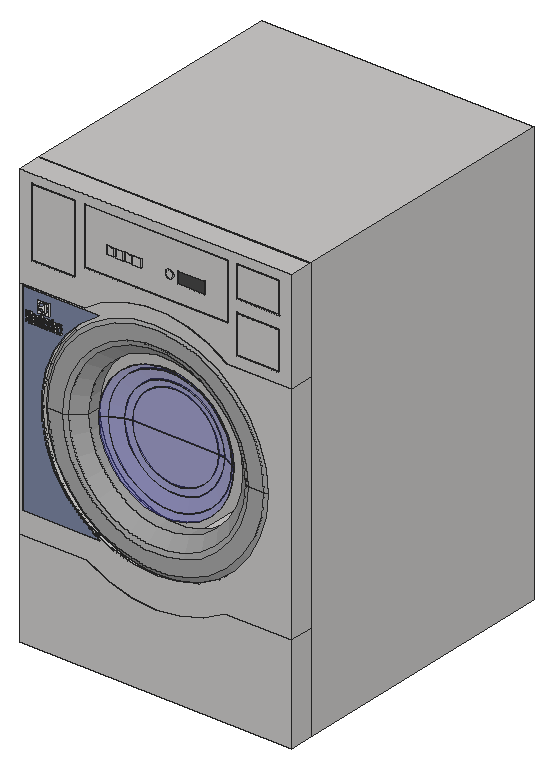
Revit family "QF_ELECTROLUXPROFESSIONAL_1LSNA4_TE1220G", category Specialty Equipment, Revit 2014
Parameters
  Width = 686 mm
  Height = 850 mm
  Depth = 822 mm
Reference planes
  plane 1 "Center (Front/Back)": y = 0
  plane 2: z = 0
  plane 3 "Center (Left/Right)": x = 0
  plane 4 "LEFT": x = -343
  plane 5 "RIGHT": x = 343
  plane 6 "BACK": y = 411
  plane 7 "FRONT": y = -411
  plane 8 "voidPanel": through (0, -279.09, 846.678) normal (0, -0.9308, 0.3656)
  plane 9 "TOP": z = 1098
  plane 10: y = -966
  plane 11 "GasX": x = 260.5
  plane 12 "GASz": z = 52.3
Forms (mm)
  Extrusion 1, solid, material "QF_Finishes_Stainless Steel"
    sketch origin (0, 0, 0) x (1, 0, 0) y (0, 1, 0)
      loop
        line (-343, 354) -> (-343, -351.316) -> (343, -351.316) -> (343, 354) -> (-343, 354)
    from 25 to 1098
  Extrusion 2, void
    sketch origin (0, -411, 110) x (0, 0, 1) y (-1, 0, 0)
      loop
        circle (470, 0) r 242.757
    from 0 to -726.106
  Revolve 3, solid, material "QF_Finishes_Gray"
    sketch origin (0, 0, 580) x (-1, 0, 0) y (0, -1, 0)
      loop
        line (300.448, 346.297) -> (300.448, 393.936) -> (272.916, 411) -> (235.246, 411) -> (223.534, 406.93) -> (195.25, 378.646) -> (195.25, 346.297) -> (300.448, 346.297)
      axis (0, 346.297) -> (0, 411)
    angle from 0 to 360
  Revolve 4, solid, material "Glass"
    sketch origin (0, 0, 580) x (-1, 0, 0) y (0, -1, 0)
      loop
        line (156.034, 365.621) -> (125.785, 351.316)
        arc (125.785, 351.316) -> (117.42, 348.976) -> (108.77, 348.187) r 47.824
        line (108.77, 348.187) -> (0, 348.187) -> (0, 346.187) -> (108.77, 346.187)
        arc (108.77, 346.187) -> (117.82, 347.016) -> (126.57, 349.475) r 49.824
        line (126.57, 349.475) -> (156.889, 363.813)
        arc (156.889, 363.813) -> (164.396, 368.582) -> (170.5, 375.051) r 35.892
        line (170.5, 375.051) -> (170.5, 378.646)
        arc (170.5, 378.646) -> (164.222, 371.072) -> (156.034, 365.621) r 33.892
      axis (0, 346.187) -> (0, 378.646)
    angle from 0 to 360
  Extrusion 5, void
    sketch origin (0, 0, 470) x (-1, 0, 0) y (0, -1, 0)
      loop
        line (333, -329) -> (333, 336.297) -> (-333, 336.297) -> (-333, -329) -> (333, -329)
    from -434.1 to 430
  Extrusion 6, solid, material "QF_Finishes_Rubber Black"
    sketch origin (25, 0, 0) x (1, 0, 0) y (0, 1, 0)
      loop
        circle (-308, 313.6) r 20
    from 0 to 10
  Extrusion 7, solid, material "QF_Finishes_Stainless Steel"
    sketch origin (25, 0, 0) x (1, 0, 0) y (0, 1, 0)
      loop
        circle (-308, 313.6) r 11
    from 10 to 25
  Extrusion 8, solid, material "QF_Finishes_Rubber Black"
    sketch origin (25, 0, 0) x (1, 0, 0) y (0, 1, 0)
      loop
        circle (-308, -309.8) r 20
    from 0 to 10
  Extrusion 9, solid, material "QF_Finishes_Stainless Steel"
    sketch origin (25, 0, 0) x (1, 0, 0) y (0, 1, 0)
      loop
        circle (-308, -309.8) r 11
    from 10 to 25
  Revolve 10, solid, material "QF_Door-Drawer Clearances", detail levels coarse
    sketch origin (0, -392.108, 110) x (-1, 0, 0) y (0, 0, 1)
      loop
        circle (-1.368, 470) r 285
      axis (287.524, 470) -> (287.524, 469)
    angle from 0 to 90
  Extrusion 11, solid, material "QF_Finishes_Rubber Black"
    sketch origin (-25, 0, 0) x (-1, 0, 0) y (0, -1, 0)
      loop
        circle (-308, -313.6) r 20
    from 0 to 10
  Extrusion 12, solid, material "QF_Finishes_Stainless Steel"
    sketch origin (-25, 0, 0) x (-1, 0, 0) y (0, -1, 0)
      loop
        circle (-308, -313.6) r 11
    from 10 to 25
  Extrusion 13, solid, material "QF_Finishes_Rubber Black"
    sketch origin (-25, 0, 0) x (-1, 0, 0) y (0, -1, 0)
      loop
        circle (-308, 309.8) r 20
    from 0 to 10
  Extrusion 14, solid, material "QF_Finishes_Stainless Steel"
    sketch origin (-25, 0, 0) x (-1, 0, 0) y (0, -1, 0)
      loop
        circle (-308, 309.8) r 11
    from 10 to 25
  Extrusion 15, solid, material "QF_Finishes_Stainless Steel"
    sketch origin (0, -411, 0) x (0, 0, 1) y (-1, 0, 0)
      loop
        line (25, 343) -> (25, -343) -> (270, -343) -> (270, -175)
        arc (270, -175) -> (219.436, 0) -> (270, 175) r 328.118
        line (270, 175) -> (270, 343) -> (25, 343)
    from 0 to -60
  Extrusion 16, solid, material "QF_Finishes_Stainless Steel"
    sketch origin (0, -411, 0) x (0, 0, 1) y (-1, 0, 0)
      loop
        line (840, -343) -> (1098, -343) -> (1098, 343) -> (840, 343) -> (840, 180)
        arc (840, 180) -> (900, 0) -> (840, -180) r 300
        line (840, -180) -> (840, -343)
    from 0 to -60
  Extrusion 17, solid, material "QF_Finishes_Stainless Steel"
    sketch origin (0, -411, 0) x (0, 0, 1) y (-1, 0, 0)
      loop
        line (840, 343) -> (270, 343) -> (270, 175)
        arc (270, 175) -> (219.436, 0) -> (270, -175) r 328.118
        line (270, -175) -> (270, -343) -> (840, -343) -> (840, -180)
        arc (840, -180) -> (900, 0) -> (840, 180) r 300
        line (840, 180) -> (840, 343)
      loop
        circle (580, 0) r 285
    from 0 to -60
  Extrusion 18, void
    sketch origin (0, -411, 0) x (0, 0, 1) y (-1, 0, 0)
      loop
        line (1076.011, 312.853) -> (900, 312.853) -> (900, 202.056) -> (1076.011, 202.056) -> (1076.011, 312.853)
      loop
        line (1076.011, 180.558) -> (931.011, 180.558) -> (931.011, -184.442) -> (1076.011, -184.442) -> (1076.011, 180.558)
      loop
        line (966.011, -204.442) -> (866.011, -204.442) -> (866.011, -314.442) -> (966.011, -314.442) -> (966.011, -204.442)
      loop
        line (996.011, -204.442) -> (996.011, -314.442) -> (1076.011, -314.442) -> (1076.011, -204.442) -> (996.011, -204.442)
    from 0 to -13.46
  Extrusion 19, solid, material "QF_Finishes_Stainless Steel"
    sketch origin (0, -411, 0) x (0, 0, 1) y (-1, 0, 0)
      loop
        line (1073.011, 205.056) -> (1073.011, 309.853) -> (903, 309.853) -> (903, 205.056) -> (1073.011, 205.056)
      loop
        line (934.011, 177.558) -> (934.011, -181.442) -> (1073.011, -181.442) -> (1073.011, 177.558) -> (934.011, 177.558)
      loop
        line (1073.011, -311.442) -> (1073.011, -207.442) -> (999.011, -207.442) -> (999.011, -311.442) -> (1073.011, -311.442)
      loop
        line (963.011, -311.442) -> (963.011, -207.442) -> (869.011, -207.442) -> (869.011, -311.442) -> (963.011, -311.442)
      loop
        line (982.148, 123.504) -> (982.148, 103.504) -> (1002.148, 103.504) -> (1002.148, 123.504) -> (982.148, 123.504)
      loop
        line (1002.148, 100.812) -> (982.148, 100.812) -> (982.148, 80.808) -> (1002.148, 80.808) -> (1002.148, 100.812)
      loop
        line (1002.148, 78.12) -> (982.148, 78.12) -> (982.148, 58.116) -> (1002.148, 58.116) -> (1002.148, 78.12)
      loop
        line (1002.148, 55.428) -> (982.148, 55.428) -> (982.148, 35.424) -> (1002.148, 35.424) -> (1002.148, 55.428)
      loop
        circle (992.148, -34.859) r 10
      loop
        line (977.148, -124.859) -> (1007.148, -124.859) -> (1007.148, -54.859) -> (977.148, -54.859) -> (977.148, -124.859)
    from 0.5 to -13.46
  Extrusion 20, solid, material "QF_Finishes_Stainless Steel"
    sketch origin (0, -411, 0) x (0, 0, 1) y (-1, 0, 0)
      loop
        line (1002.148, 123.504) -> (982.148, 123.504) -> (982.148, 103.504) -> (1002.148, 103.504) -> (1002.148, 123.504)
      loop
        line (1002.148, 100.812) -> (982.148, 100.812) -> (982.148, 80.808) -> (1002.148, 80.808) -> (1002.148, 100.812)
      loop
        line (1002.148, 78.12) -> (982.148, 78.12) -> (982.148, 58.116) -> (1002.148, 58.116) -> (1002.148, 78.12)
      loop
        line (1002.148, 55.428) -> (982.148, 55.428) -> (982.148, 35.424) -> (1002.148, 35.424) -> (1002.148, 55.428)
    from 2 to -13.46
  Extrusion 21, solid, material "QF_Finishes_Stainless Steel"
    sketch origin (0, -411, 0) x (0, 0, 1) y (-1, 0, 0)
      loop
        circle (992.148, -34.859) r 10
    from 1 to -13.46
  Extrusion 22, solid, material "QF_Finishes_Black"
    sketch origin (0, -411, 0) x (0, 0, 1) y (-1, 0, 0)
      loop
        line (1007.148, -54.859) -> (977.148, -54.859) -> (977.148, -124.859) -> (1007.148, -124.859) -> (1007.148, -54.859)
    from 0 to -13.46
  Extrusion 23, solid, material "QF_Finishes_Stainless Steel"
    sketch origin (2.1, 411, -6.2) x (0, 0, 1) y (-1, 0, 0)
      loop
        circle (91, -25) r 51
    from 50.43 to 57
  Blend 24, solid, material "QF_Finishes_Stainless Steel"
    base sketch origin (0, 411, 0) x (0, 0, 1) y (-1, 0, 0)
      loop
        line (112.093, -134.606) -> (112.093, -219.975)
        arc (112.093, -219.975) -> (136.989, -280.08) -> (197.093, -304.975) r 85
        line (197.093, -304.975) -> (735.296, -304.975) -> (764.372, -304.975) -> (800, -304.975)
        arc (800, -304.975) -> (860.104, -280.08) -> (885, -219.975) r 85
        line (885, -219.975) -> (885, 223.558)
        arc (885, 223.558) -> (860.104, 283.663) -> (800, 308.558) r 85
        line (800, 308.558) -> (764.372, 308.558) -> (736.45, 308.558) -> (330, 308.558)
        arc (330, 308.558) -> (287.574, 290.985) -> (270, 248.558) r 60
        line (270, 248.558) -> (270, 113.511)
        arc (270, 113.511) -> (265.698, 88.475) -> (253.286, 66.312) r 75
        line (253.286, 66.312) -> (128.807, -87.407)
        arc (128.807, -87.407) -> (116.395, -109.571) -> (112.093, -134.606) r 75
    top sketch origin (0, 411, 0) x (0, 0, 1) y (-1, 0, 0)
      loop
        line (736.45, 258.558) -> (330, 258.558)
        arc (330, 258.558) -> (322.929, 255.63) -> (320, 248.558) r 10
        line (320, 248.558) -> (320, 95.805)
        arc (320, 95.805) -> (315.698, 70.769) -> (303.286, 48.606) r 75
        line (303.286, 48.606) -> (178.807, -105.113)
        arc (178.807, -105.113) -> (166.395, -127.277) -> (162.093, -152.312) r 75
        line (162.093, -152.312) -> (162.093, -219.975)
        arc (162.093, -219.975) -> (172.344, -244.724) -> (197.093, -254.975) r 35
        line (197.093, -254.975) -> (735.296, -254.975)
        arc (735.296, -254.975) -> (745.955, -271.27) -> (764.372, -277.589) r 30
        line (764.372, -277.589) -> (819.372, -277.589)
        arc (819.372, -277.589) -> (840.585, -268.802) -> (849.372, -247.589) r 30
        line (849.372, -247.589) -> (849.372, 247.589)
        arc (849.372, 247.589) -> (840.585, 268.802) -> (819.372, 277.589) r 30
        line (819.372, 277.589) -> (764.372, 277.589)
        arc (764.372, 277.589) -> (747.477, 272.379) -> (736.45, 258.558) r 30
    from 57 to 0
  Extrusion 25, void
    sketch origin (0, 411, 0) x (0, 0, 1) y (-1, 0, 0)
      loop
        line (839.372, -242.589) -> (839.372, 246.505)
        arc (839.372, 246.505) -> (833.514, 260.647) -> (819.372, 266.505) r 20
        line (819.372, 266.505) -> (760.142, 266.505)
        arc (760.142, 266.505) -> (746, 260.647) -> (740.142, 246.505) r 20
        line (740.142, 246.505) -> (740.142, -248.744)
        arc (740.142, -248.744) -> (749.024, -262.323) -> (764.372, -267.589) r 25
        line (764.372, -267.589) -> (814.372, -267.589)
        arc (814.372, -267.589) -> (832.05, -260.266) -> (839.372, -242.589) r 25
    from 0 to 8.2
  Extrusion 26, solid, material "QF_Finishes_Stainless Steel"
    sketch origin (0, 411, 0) x (0, 0, 1) y (-1, 0, 0)
      loop
        circle (810, 209.295) r 5
    from 0 to 8.186
  Extrusion 27, solid, material "QF_Finishes_White"
    sketch origin (-20, -411, 75) x (0, 0, 1) y (-1, 0, 0)
      loop
        spline (696.669, 303.458) -> (696.678, 303.666) -> (696.706, 303.887) -> (696.758, 304.116) -> (696.837, 304.347) -> (696.945, 304.574) -> (697.088, 304.79) -> (697.268, 304.989) -> (697.488, 305.166) -> (697.753, 305.314) -> (698.065, 305.428) -> (698.428, 305.5) -> (698.845, 305.526)
        line (698.845, 305.526) -> (700.697, 305.526) -> (700.697, 299.411) -> (703.059, 299.411) -> (703.059, 305.527) -> (706.497, 305.527) -> (706.497, 299.022) -> (708.852, 299.022) -> (708.852, 308.029) -> (698.952, 308.029)
        spline (698.952, 308.029) -> (698.343, 308.007) -> (697.77, 307.939) -> (697.233, 307.824) -> (696.734, 307.66) -> (696.277, 307.447) -> (695.863, 307.184) -> (695.493, 306.868) -> (695.17, 306.498) -> (694.896, 306.074) -> (694.673, 305.594) -> (694.502, 305.057) -> (694.386, 304.461)
        line (694.386, 304.461) -> (694.316, 303.478) -> (694.316, 298.848) -> (696.669, 298.848) -> (696.669, 303.458)
      loop
        line (701.983, 297.069) -> (694.312, 297.069) -> (694.312, 294.566) -> (708.856, 294.566) -> (708.856, 297.069) -> (701.983, 297.069)
      loop
        spline (699.838, 282.168) -> (700.563, 282.21) -> (701.258, 282.336) -> (701.916, 282.541) -> (702.532, 282.822) -> (703.097, 283.176) -> (703.608, 283.598) -> (704.057, 284.086) -> (704.438, 284.636) -> (704.745, 285.245) -> (704.972, 285.908) -> (705.113, 286.623) -> (705.162, 287.387)
        spline (705.162, 287.387) -> (705.116, 288.166) -> (704.983, 288.907) -> (704.765, 289.603) -> (704.465, 290.249) -> (704.088, 290.84) -> (703.636, 291.37) -> (703.112, 291.834) -> (702.521, 292.225) -> (701.865, 292.539) -> (701.148, 292.77) -> (700.373, 292.913) -> (699.544, 292.962)
        spline (699.544, 292.962) -> (698.735, 292.915) -> (697.979, 292.776) -> (697.278, 292.55) -> (696.637, 292.242) -> (696.059, 291.855) -> (695.547, 291.394) -> (695.105, 290.864) -> (694.735, 290.268) -> (694.442, 289.612) -> (694.228, 288.9) -> (694.097, 288.135) -> (694.053, 287.323)
        spline (694.053, 287.323) -> (694.063, 286.928) -> (694.092, 286.536) -> (694.144, 286.149) -> (694.221, 285.766) -> (694.323, 285.389) -> (694.454, 285.016) -> (694.615, 284.647) -> (694.808, 284.284) -> (695.035, 283.925) -> (695.297, 283.572) -> (695.598, 283.224) -> (695.939, 282.88)
        line (695.939, 282.88) -> (697.407, 284.389)
        spline (697.407, 284.389) -> (697.215, 284.588) -> (697.04, 284.788) -> (696.881, 284.991) -> (696.738, 285.198) -> (696.611, 285.412) -> (696.5, 285.634) -> (696.406, 285.866) -> (696.329, 286.109) -> (696.269, 286.367) -> (696.226, 286.64) -> (696.2, 286.93) -> (696.191, 287.24)
        spline (696.191, 287.24) -> (696.213, 287.693) -> (696.279, 288.118) -> (696.388, 288.513) -> (696.536, 288.876) -> (696.722, 289.206) -> (696.946, 289.501) -> (697.204, 289.758) -> (697.495, 289.977) -> (697.818, 290.155) -> (698.171, 290.29) -> (698.551, 290.381) -> (698.958, 290.425)
        line (698.958, 290.425) -> (698.958, 282.21) -> (699.838, 282.168)
      loop
        spline (700.718, 284.725) -> (701.028, 284.749) -> (701.326, 284.82) -> (701.609, 284.934) -> (701.875, 285.089) -> (702.12, 285.28) -> (702.342, 285.505) -> (702.538, 285.761) -> (702.705, 286.044) -> (702.84, 286.352) -> (702.94, 286.68) -> (703.002, 287.026) -> (703.024, 287.387)
        spline (703.024, 287.387) -> (703.003, 287.773) -> (702.942, 288.145) -> (702.843, 288.5) -> (702.71, 288.833) -> (702.545, 289.143) -> (702.35, 289.425) -> (702.129, 289.676) -> (701.884, 289.894) -> (701.618, 290.074) -> (701.333, 290.215) -> (701.032, 290.312) -> (700.718, 290.363)
        line (700.718, 290.363) -> (700.718, 284.725)
      loop
        spline (699.607, 278.381) -> (700.073, 278.352) -> (700.515, 278.268) -> (700.929, 278.133) -> (701.313, 277.949) -> (701.664, 277.719) -> (701.978, 277.448) -> (702.253, 277.139) -> (702.484, 276.794) -> (702.67, 276.418) -> (702.806, 276.013) -> (702.89, 275.584) -> (702.919, 275.132)
        spline (702.919, 275.132) -> (702.91, 274.855) -> (702.884, 274.59) -> (702.842, 274.336) -> (702.783, 274.092) -> (702.708, 273.858) -> (702.618, 273.634) -> (702.512, 273.418) -> (702.391, 273.21) -> (702.256, 273.01) -> (702.106, 272.817) -> (701.943, 272.63) -> (701.766, 272.45)
        line (701.766, 272.45) -> (703.38, 270.898)
        spline (703.38, 270.898) -> (703.689, 271.207) -> (703.966, 271.525) -> (704.213, 271.852) -> (704.43, 272.187) -> (704.619, 272.531) -> (704.779, 272.882) -> (704.912, 273.24) -> (705.02, 273.606) -> (705.101, 273.978) -> (705.159, 274.357) -> (705.192, 274.742) -> (705.203, 275.132)
        spline (705.203, 275.132) -> (705.155, 275.914) -> (705.013, 276.664) -> (704.783, 277.374) -> (704.47, 278.037) -> (704.079, 278.647) -> (703.616, 279.198) -> (703.085, 279.683) -> (702.493, 280.094) -> (701.843, 280.426) -> (701.143, 280.671) -> (700.396, 280.823) -> (699.607, 280.875)
        spline (699.607, 280.875) -> (698.819, 280.823) -> (698.072, 280.671) -> (697.371, 280.426) -> (696.722, 280.094) -> (696.129, 279.683) -> (695.599, 279.198) -> (695.135, 278.647) -> (694.745, 278.037) -> (694.432, 277.374) -> (694.201, 276.664) -> (694.06, 275.914) -> (694.011, 275.132)
        spline (694.011, 275.132) -> (694.022, 274.742) -> (694.056, 274.357) -> (694.113, 273.978) -> (694.195, 273.606) -> (694.302, 273.24) -> (694.436, 272.882) -> (694.596, 272.531) -> (694.784, 272.187) -> (695.002, 271.852) -> (695.248, 271.525) -> (695.526, 271.207) -> (695.835, 270.898)
        line (695.835, 270.898) -> (697.449, 272.45)
        spline (697.449, 272.45) -> (697.272, 272.63) -> (697.108, 272.817) -> (696.959, 273.01) -> (696.824, 273.21) -> (696.703, 273.418) -> (696.597, 273.634) -> (696.507, 273.858) -> (696.432, 274.092) -> (696.373, 274.336) -> (696.33, 274.59) -> (696.304, 274.855) -> (696.296, 275.132)
        spline (696.296, 275.132) -> (696.325, 275.584) -> (696.409, 276.013) -> (696.545, 276.418) -> (696.731, 276.794) -> (696.962, 277.139) -> (697.236, 277.448) -> (697.55, 277.719) -> (697.901, 277.949) -> (698.285, 278.133) -> (698.7, 278.268) -> (699.142, 278.352) -> (699.607, 278.381)
      loop
        spline (696.665, 264.515) -> (696.662, 264.736) -> (696.678, 264.972) -> (696.719, 265.218) -> (696.789, 265.468) -> (696.89, 265.715) -> (697.028, 265.952) -> (697.206, 266.175) -> (697.429, 266.376) -> (697.7, 266.549) -> (698.024, 266.688) -> (698.404, 266.787) -> (698.845, 266.839)
        line (698.845, 266.839) -> (702.555, 266.839) -> (702.555, 264.562) -> (704.829, 264.562) -> (704.829, 266.836) -> (708.856, 266.836) -> (708.856, 269.34) -> (698.703, 269.34)
        spline (698.703, 269.34) -> (698.114, 269.286) -> (697.56, 269.189) -> (697.042, 269.048) -> (696.564, 268.861) -> (696.127, 268.627) -> (695.732, 268.345) -> (695.381, 268.014) -> (695.077, 267.632) -> (694.821, 267.2) -> (694.615, 266.714) -> (694.461, 266.175) -> (694.36, 265.581)
        line (694.36, 265.581) -> (694.312, 264.524) -> (696.665, 264.515)
      loop
        spline (704.975, 256.091) -> (705.002, 256.524) -> (704.994, 256.941) -> (704.953, 257.341) -> (704.88, 257.722) -> (704.776, 258.084) -> (704.641, 258.425) -> (704.478, 258.744) -> (704.286, 259.04) -> (704.068, 259.312) -> (703.825, 259.559) -> (703.557, 259.779) -> (703.265, 259.972)
        line (703.265, 259.972) -> (704.829, 259.972) -> (704.829, 262.455) -> (694.313, 262.455) -> (694.313, 259.972) -> (699.842, 259.972)
        spline (699.842, 259.972) -> (700.261, 259.949) -> (700.652, 259.882) -> (701.013, 259.772) -> (701.342, 259.621) -> (701.638, 259.431) -> (701.9, 259.202) -> (702.126, 258.938) -> (702.314, 258.64) -> (702.462, 258.308) -> (702.571, 257.946) -> (702.637, 257.554) -> (702.659, 257.134)
        line (702.659, 257.134) -> (702.555, 256.091) -> (704.975, 256.091)
      loop
        spline (699.57, 244.231) -> (700.342, 244.283) -> (701.077, 244.436) -> (701.77, 244.682) -> (702.415, 245.014) -> (703.007, 245.426) -> (703.538, 245.911) -> (704.003, 246.462) -> (704.398, 247.072) -> (704.714, 247.735) -> (704.948, 248.443) -> (705.092, 249.19) -> (705.142, 249.969)
        spline (705.142, 249.969) -> (705.092, 250.752) -> (704.948, 251.503) -> (704.714, 252.213) -> (704.398, 252.876) -> (704.003, 253.486) -> (703.538, 254.036) -> (703.007, 254.519) -> (702.415, 254.929) -> (701.77, 255.26) -> (701.077, 255.504) -> (700.342, 255.656) -> (699.57, 255.708)
        spline (699.57, 255.708) -> (698.799, 255.656) -> (698.064, 255.504) -> (697.371, 255.26) -> (696.726, 254.929) -> (696.135, 254.519) -> (695.604, 254.036) -> (695.138, 253.486) -> (694.744, 252.876) -> (694.427, 252.213) -> (694.193, 251.503) -> (694.049, 250.752) -> (693.999, 249.969)
        spline (693.999, 249.969) -> (694.049, 249.19) -> (694.193, 248.443) -> (694.427, 247.735) -> (694.744, 247.072) -> (695.138, 246.462) -> (695.604, 245.911) -> (696.135, 245.426) -> (696.726, 245.014) -> (697.371, 244.682) -> (698.064, 244.436) -> (698.799, 244.283) -> (699.57, 244.231)
      loop
        spline (699.57, 246.714) -> (700.026, 246.743) -> (700.46, 246.828) -> (700.869, 246.965) -> (701.251, 247.15) -> (701.601, 247.381) -> (701.916, 247.653) -> (702.192, 247.964) -> (702.426, 248.309) -> (702.614, 248.686) -> (702.752, 249.09) -> (702.838, 249.519) -> (702.868, 249.969)
        spline (702.868, 249.969) -> (702.838, 250.423) -> (702.752, 250.855) -> (702.614, 251.261) -> (702.426, 251.638) -> (702.192, 251.983) -> (701.916, 252.293) -> (701.601, 252.563) -> (701.251, 252.792) -> (700.869, 252.976) -> (700.46, 253.111) -> (700.026, 253.195) -> (699.57, 253.223)
        spline (699.57, 253.223) -> (699.116, 253.195) -> (698.682, 253.111) -> (698.272, 252.976) -> (697.89, 252.792) -> (697.54, 252.563) -> (697.226, 252.293) -> (696.95, 251.983) -> (696.716, 251.638) -> (696.528, 251.261) -> (696.389, 250.855) -> (696.303, 250.423) -> (696.273, 249.969)
        spline (696.273, 249.969) -> (696.303, 249.519) -> (696.389, 249.09) -> (696.528, 248.686) -> (696.716, 248.309) -> (696.95, 247.964) -> (697.226, 247.653) -> (697.54, 247.381) -> (697.89, 247.15) -> (698.272, 246.965) -> (698.682, 246.828) -> (699.116, 246.743) -> (699.57, 246.714)
      loop
        line (702.234, 242.691) -> (694.312, 242.691) -> (694.312, 240.186) -> (708.856, 240.186) -> (708.856, 242.691) -> (702.234, 242.691)
      loop
        line (704.829, 231.156) -> (698.716, 231.156)
        spline (698.716, 231.156) -> (698.318, 231.176) -> (697.96, 231.235) -> (697.64, 231.33) -> (697.357, 231.459) -> (697.111, 231.62) -> (696.9, 231.811) -> (696.724, 232.029) -> (696.582, 232.272) -> (696.473, 232.538) -> (696.397, 232.825) -> (696.351, 233.13) -> (696.336, 233.452)
        spline (696.336, 233.452) -> (696.351, 233.773) -> (696.397, 234.078) -> (696.473, 234.365) -> (696.581, 234.631) -> (696.723, 234.874) -> (696.897, 235.092) -> (697.106, 235.283) -> (697.351, 235.444) -> (697.631, 235.573) -> (697.947, 235.668) -> (698.301, 235.726) -> (698.694, 235.747)
        line (698.694, 235.747) -> (704.829, 235.747) -> (704.829, 238.272) -> (698.485, 238.272)
        spline (698.485, 238.272) -> (697.767, 238.227) -> (697.113, 238.097) -> (696.523, 237.888) -> (695.998, 237.607) -> (695.535, 237.259) -> (695.136, 236.85) -> (694.8, 236.387) -> (694.525, 235.876) -> (694.313, 235.323) -> (694.161, 234.733) -> (694.071, 234.115) -> (694.041, 233.472)
        spline (694.041, 233.472) -> (694.071, 232.825) -> (694.163, 232.201) -> (694.317, 231.607) -> (694.532, 231.049) -> (694.811, 230.533) -> (695.152, 230.066) -> (695.557, 229.654) -> (696.025, 229.303) -> (696.558, 229.019) -> (697.156, 228.808) -> (697.819, 228.677) -> (698.548, 228.632)
        line (698.548, 228.632) -> (704.829, 228.632) -> (704.829, 231.156)
      loop
        line (697.676, 219.158) -> (699.883, 220.737) -> (702.547, 218.782) -> (704.829, 217.107) -> (704.829, 219.84) -> (701.678, 222.115) -> (704.829, 224.41) -> (704.829, 227.123) -> (702.701, 225.567) -> (699.863, 223.492) -> (696.834, 225.667) -> (694.312, 227.477) -> (694.312, 224.786) -> (698.027, 222.115) -> (694.312, 219.444) -> (694.312, 216.752) -> (697.676, 219.158)
      loop
        line (688.447, 306.621) -> (688.447, 308.558) -> (683.42, 308.558) -> (683.42, 307.525) -> (685.123, 307.525) -> (685.123, 306.621)
        arc (685.123, 306.621) -> (686.785, 304.959) -> (688.447, 306.621) r 1.662
      loop
        line (687.497, 306.663) -> (687.497, 307.525) -> (686.073, 307.525) -> (686.073, 306.663)
        arc (686.073, 306.663) -> (686.785, 305.951) -> (687.497, 306.663) r 0.712
      loop
        line (688.447, 298.733) -> (688.447, 300.705) -> (683.42, 300.705) -> (683.42, 299.671) -> (684.882, 299.671) -> (685.151, 298.932) -> (683.42, 297.891) -> (683.42, 296.718) -> (685.405, 297.925)
        arc (685.405, 297.925) -> (685.993, 297.294) -> (686.826, 297.074) r 1.552
        arc (686.826, 297.074) -> (687.975, 297.573) -> (688.447, 298.733) r 1.659
      loop
        arc (686.094, 298.824) -> (686.762, 298.121) -> (687.497, 298.754) r 0.703
        line (687.497, 298.754) -> (687.497, 299.671) -> (686.094, 299.671) -> (686.094, 298.824)
      loop
        circle (685.933, 290.3) r 2.611
      loop
        circle (685.933, 290.3) r 1.657
      loop
        line (688.447, 283.364) -> (683.42, 283.364) -> (683.42, 282.331) -> (685.486, 282.331) -> (685.486, 280.439) -> (686.436, 280.439) -> (686.436, 282.331) -> (687.497, 282.331) -> (687.497, 280.257) -> (688.447, 280.257) -> (688.447, 283.364)
      loop
        line (688.447, 275.992) -> (685.05, 275.992)
        arc (685.05, 275.992) -> (683.898, 275.529) -> (683.42, 274.383) r 1.609
        line (683.42, 274.383) -> (683.42, 272.76) -> (684.37, 272.76) -> (684.37, 274.225) -> (684.759, 274.959) -> (685.606, 274.959) -> (685.606, 272.948) -> (686.506, 272.948) -> (686.506, 274.959) -> (687.497, 274.959) -> (687.497, 272.809) -> (688.447, 272.809) -> (688.447, 275.992)
      loop
        line (687.128, 265.998) -> (687.638, 265.255)
        arc (687.638, 265.255) -> (688.309, 265.943) -> (688.531, 266.879) r 1.8
        arc (688.531, 266.879) -> (688.406, 267.502) -> (688.091, 268.053) r 1.995
        arc (688.091, 268.053) -> (687.777, 268.314) -> (687.386, 268.431) r 1.023
        arc (687.386, 268.431) -> (686.928, 268.42) -> (686.485, 268.305) r 2.005
        arc (686.485, 268.305) -> (686.001, 267.857) -> (685.694, 267.273) r 1.948
        arc (685.694, 267.273) -> (685.475, 266.734) -> (685.196, 266.223) r 5.092
        arc (685.196, 266.223) -> (684.861, 266.023) -> (684.505, 266.181) r 0.425
        arc (684.505, 266.181) -> (684.282, 266.728) -> (684.398, 267.306) r 1.026
        arc (684.398, 267.306) -> (684.643, 267.732) -> (685.054, 267.998) r 1.044
        line (685.054, 267.998) -> (684.559, 268.788)
        arc (684.559, 268.788) -> (684.042, 268.475) -> (683.647, 268.018) r 1.934
        arc (683.647, 268.018) -> (683.399, 267.438) -> (683.336, 266.811) r 2.085
        arc (683.336, 266.811) -> (683.491, 266.036) -> (683.861, 265.338) r 2.723
        arc (683.861, 265.338) -> (684.682, 265.03) -> (685.543, 265.189) r 1.635
        arc (685.543, 265.189) -> (685.94, 265.533) -> (686.227, 265.973) r 1.896
        arc (686.227, 265.973) -> (686.475, 266.529) -> (686.689, 267.099) r 9.984
        arc (686.689, 267.099) -> (687.202, 267.429) -> (687.582, 266.952) r 0.455
        arc (687.582, 266.952) -> (687.465, 266.423) -> (687.128, 265.998) r 1.209
      loop
        line (687.128, 258.403) -> (687.638, 257.66)
        arc (687.638, 257.66) -> (688.309, 258.348) -> (688.531, 259.284) r 1.8
        arc (688.531, 259.284) -> (688.406, 259.907) -> (688.091, 260.458) r 1.995
        arc (688.091, 260.458) -> (687.777, 260.719) -> (687.386, 260.836) r 1.023
        arc (687.386, 260.836) -> (686.928, 260.825) -> (686.485, 260.71) r 2.005
        arc (686.485, 260.71) -> (686.001, 260.262) -> (685.694, 259.678) r 1.948
        arc (685.694, 259.678) -> (685.475, 259.139) -> (685.196, 258.628) r 5.092
        arc (685.196, 258.628) -> (684.861, 258.428) -> (684.505, 258.586) r 0.425
        arc (684.505, 258.586) -> (684.282, 259.133) -> (684.398, 259.711) r 1.026
        arc (684.398, 259.711) -> (684.643, 260.136) -> (685.054, 260.403) r 1.044
        line (685.054, 260.403) -> (684.559, 261.193)
        arc (684.559, 261.193) -> (684.042, 260.88) -> (683.647, 260.422) r 1.934
        arc (683.647, 260.422) -> (683.399, 259.843) -> (683.336, 259.216) r 2.085
        arc (683.336, 259.216) -> (683.491, 258.441) -> (683.861, 257.743) r 2.723
        arc (683.861, 257.743) -> (684.682, 257.434) -> (685.543, 257.594) r 1.635
        arc (685.543, 257.594) -> (685.94, 257.938) -> (686.227, 258.377) r 1.896
        arc (686.227, 258.377) -> (686.475, 258.934) -> (686.689, 259.504) r 9.984
        arc (686.689, 259.504) -> (687.202, 259.834) -> (687.582, 259.357) r 0.455
        arc (687.582, 259.357) -> (687.465, 258.828) -> (687.128, 258.403) r 1.209
      loop
        line (688.447, 253.158) -> (683.42, 253.158) -> (683.42, 252.124) -> (688.447, 252.124) -> (688.447, 253.158)
      loop
        circle (685.933, 245.154) r 1.564
      loop
        circle (685.933, 245.154) r 2.611
      loop
        line (683.42, 238.219) -> (683.42, 237.174) -> (686.581, 237.174) -> (683.42, 234.874) -> (683.42, 233.869) -> (688.447, 233.869) -> (688.447, 234.914) -> (685.19, 234.914) -> (688.447, 237.213) -> (688.447, 238.219) -> (683.42, 238.219)
      loop
        line (683.42, 228.657) -> (684.504, 228.167) -> (684.504, 226.308) -> (683.42, 225.818) -> (683.42, 224.707) -> (688.447, 227.237) -> (683.42, 229.767) -> (683.42, 228.657)
      loop
        line (686.567, 227.237) -> (685.536, 227.703) -> (685.536, 226.772) -> (686.567, 227.237)
      loop
        line (684.37, 219.572) -> (688.447, 219.572) -> (688.447, 220.606) -> (683.42, 220.606) -> (683.42, 217.639) -> (684.37, 217.639) -> (684.37, 219.572)
      loop
        arc (715.169, 259.508) -> (727.748, 250.208) -> (740.328, 259.508) r 13.158
        line (740.328, 259.508) -> (715.169, 259.508)
      loop
        line (715.169, 260.788) -> (716.991, 260.788)
        arc (716.991, 260.788) -> (724.001, 264.694) -> (727.019, 272.13) r 12.086
        line (727.019, 272.13) -> (727.019, 276.292)
        arc (727.019, 276.292) -> (717.547, 271.251) -> (715.169, 260.788) r 12.895
      loop
        line (738.506, 260.788) -> (740.651, 260.788)
        arc (740.651, 260.788) -> (738.028, 271.26) -> (728.478, 276.292) r 13.232
        line (728.478, 276.292) -> (728.478, 272.13)
        arc (728.478, 272.13) -> (731.496, 264.694) -> (738.506, 260.788) r 12.086
      loop
        line (713.796, 277.247) -> (713.796, 249.247) -> (741.758, 249.247) -> (741.758, 277.247) -> (713.796, 277.247)
    from 0 to 2
  Extrusion 28, void
    sketch origin (0, -411, 0) x (0, 0, 1) y (-1, 0, 0)
      loop
        line (834, 337) -> (326, 337) -> (326, 142.004)
        arc (326, 142.004) -> (580, 291) -> (834, 142.004) r 291
        line (834, 142.004) -> (834, 337)
    from 0 to -2
  Extrusion 29, solid, material "QF_Finishes_SugarBlue"
    sketch origin (0, -411, 0) x (0, 0, 1) y (-1, 0, 0)
      loop
        line (834, 142.004) -> (834, 337) -> (326, 337) -> (326, 142.004)
        arc (326, 142.004) -> (580, 291) -> (834, 142.004) r 291
    from 0 to -2
  Extrusion 30, solid, material "QF_Finishes_Stainless Steel"
    sketch origin (0, 411, 0) x (0, 0, 1) y (-1, 0, 0)
      loop
        circle (52.3, -260.5) r 4.763
    from 57 to 53.714
Cuts and joins
  Extrusion 2, Extrusion 5 cuts Extrusion 1
  Extrusion 18 cuts Extrusion 16
  Extrusion 25 cuts Blend 24
  Extrusion 28 cuts Extrusion 17
Lines and regions (mm)
  model lines
    curve 1: line (253.366, -313.716, 0) -> (253.669, -317.455, 0)
  symbolic lines, style "SpecialityEquipmentHiddenLines"
    curve 2: line (-287.524, -966, 744.475) -> (-287.524, -411, 744.475)
    curve 4: arc (-287.524, -966, 744.475) -> (112.051, -805.22, 744.475) -> (286.678, -411.5, 744.475) r 572.871
  symbolic lines
    curve 3: line (-25, 411, 84.8) -> (75, 411, 84.8)
    curve 5: line (-343, 354, 744.475) -> (343, 354, 744.475)
    curve 6: line (-343, -351, 744.475) -> (-343, 354, 744.475)
    curve 7: line (343, -351, 744.475) -> (-343, -351, 744.475)
    curve 8: line (343, 354, 744.475) -> (343, -351, 744.475)
    curve 9: line (-343, -351, 744.475) -> (-343, -411, 744.475)
    curve 10: line (-343, -411, 744.475) -> (343, -411, 744.475)
    curve 11: line (343, -411, 744.475) -> (343, -351, 744.475)
    curve 12: line (-308.558, 354, 744.475) -> (-277.589, 411, 744.475)
    curve 13: line (-277.589, 411, 744.475) -> (277.589, 411, 744.475)
    curve 14: line (277.589, 411, 744.475) -> (304.975, 354, 744.475)
Dimensions and locks
  equal spacing: plane 5 "RIGHT", plane 3 "Center (Left/Right)", plane 4 "LEFT"
  "Width": plane 5 "RIGHT" to plane 4 "LEFT"
  equal spacing: plane 7 "FRONT", plane 1 "Center (Front/Back)", plane 6 "BACK"
  "Depth": plane 7 "FRONT" to plane 6 "BACK"
  plane 7 "FRONT" to plane 6 "BACK" = 822 mm
  plane 9 "TOP" to level = 1098 mm
  plane 7 "FRONT" to plane 1 "Center (Front/Back)" to plane 6 "BACK" = 411 mm, 411 mm
  plane 4 "LEFT" to plane 5 "RIGHT" = 686 mm
  cut or joined group of Extrusion 1, Extrusion 2, Extrusion 5 to cut or joined group of Extrusion 16, Extrusion 18 = 765 mm
  plane 7 "FRONT" to plane 10 = 555 mm
  level to curve 3 = 84.8 mm
  plane 10 to plane 7 "FRONT" = 555 mm
  plane 10 to plane 6 "BACK" = 1377 mm
  plane 5 "RIGHT" to plane 11 "GasX" = 82.5 mm
  level to plane 12 "GASz" = 52.3 mm
  plane 5 "RIGHT" to Extrusion 23 = 315.9 mm
  aligned and locked: level to plane 2
Automatic sketch dimensions
  Extrusion 1 sketch curve to plane 4 "LEFT" = 0 mm
  Extrusion 1 sketch curve to plane 5 "RIGHT" = 0 mm
  Extrusion 1 sketch curve to plane 7 "FRONT" = 59.684 mm
  plane 6 "BACK" to Extrusion 1 sketch curve = 57 mm
  Extrusion 2 sketch curve to plane 3 "Center (Left/Right)" = 0 mm
  level to Extrusion 2 sketch curve = 580 mm
  Revolve 4 sketch curve to Revolve 4 sketch curve = 0 mm  (x4)
  Revolve 4 sketch curve to plane 3 "Center (Left/Right)" = 0 mm  (x2)
  Revolve 4 sketch curve to Revolve 4 sketch curve = 108.77 mm
  Revolve 4 sketch curve to Revolve 4 sketch curve = 17.015 mm
  Revolve 4 sketch curve to plane 7 "FRONT" = 61.525 mm
  Revolve 4 sketch curve to Revolve 4 sketch curve = 0.785 mm
  Revolve 4 sketch curve to plane 7 "FRONT" = 14.74 mm
  Revolve 4 sketch curve to Revolve 4 sketch curve = 32.775 mm
  Revolve 4 sketch curve to plane 7 "FRONT" = 45.379 mm
  Revolve 4 sketch curve to Revolve 4 sketch curve = 30.249 mm
  Revolve 4 sketch curve to plane 7 "FRONT" = 47.187 mm
  Revolve 4 sketch curve to Revolve 4 sketch curve = 0.855 mm
  Revolve 4 sketch curve to Revolve 4 sketch curve = 14.466 mm
  Revolve 4 sketch curve to plane 7 "FRONT" = 62.813 mm
  Revolve 4 sketch curve to Revolve 4 sketch curve = 2 mm
  Revolve 4 sketch curve to plane 6 "BACK" = 1134.072 mm
  plane 7 "FRONT" to Revolve 4 sketch curve = 1124.917 mm
  Extrusion 5 sketch curve to plane 5 "RIGHT" = 10 mm
  plane 4 "LEFT" to Extrusion 5 sketch curve = 10 mm
  plane 6 "BACK" to Extrusion 5 sketch curve = 82 mm
  Extrusion 5 sketch curve to plane 7 "FRONT" = 74.703 mm
  plane 4 "LEFT" to Extrusion 6 sketch curve = 60 mm
  plane 6 "BACK" to Extrusion 6 sketch curve = 97.4 mm
  plane 4 "LEFT" to Extrusion 7 sketch curve = 60 mm
  plane 6 "BACK" to Extrusion 7 sketch curve = 97.4 mm
  plane 4 "LEFT" to Extrusion 8 sketch curve = 60 mm
  Extrusion 8 sketch curve to plane 7 "FRONT" = 101.2 mm
  plane 4 "LEFT" to Extrusion 9 sketch curve = 60 mm
  Extrusion 9 sketch curve to plane 7 "FRONT" = 101.2 mm
  plane 3 "Center (Left/Right)" to Revolve 10 sketch curve = 1.368 mm
  level to Revolve 10 sketch curve = 580 mm
  plane 4 "LEFT" to Revolve 10 sketch curve = 55.476 mm
  Revolve 10 sketch curve to level = 194.8 mm
  plane 9 "TOP" to Revolve 10 sketch curve = 1450.4 mm
  plane 5 "RIGHT" to Extrusion 11 sketch curve = 60 mm
  Extrusion 11 sketch curve to plane 6 "BACK" = 97.4 mm
  plane 5 "RIGHT" to Extrusion 12 sketch curve = 60 mm
  Extrusion 12 sketch curve to plane 6 "BACK" = 97.4 mm
  plane 5 "RIGHT" to Extrusion 13 sketch curve = 60 mm
  plane 7 "FRONT" to Extrusion 13 sketch curve = 101.2 mm
  plane 5 "RIGHT" to Extrusion 14 sketch curve = 60 mm
  plane 7 "FRONT" to Extrusion 14 sketch curve = 101.2 mm
  Extrusion 15 sketch curve to plane 4 "LEFT" = 0 mm
  Extrusion 15 sketch curve to plane 5 "RIGHT" = 0 mm
  Extrusion 15 sketch curve to plane 3 "Center (Left/Right)" = 0 mm
  level to Extrusion 15 sketch curve = 25 mm
  level to Extrusion 15 sketch curve = 270 mm
  Extrusion 15 sketch curve to Extrusion 15 sketch curve = 277.554 mm
  Extrusion 15 sketch curve to Extrusion 15 sketch curve = 168 mm
  Extrusion 15 sketch curve to Extrusion 15 sketch curve = 245 mm
  Extrusion 16 sketch curve to plane 3 "Center (Left/Right)" = 0 mm
  Extrusion 16 sketch curve to plane 5 "RIGHT" = 0 mm
  Extrusion 16 sketch curve to plane 4 "LEFT" = 0 mm
  Extrusion 16 sketch curve to plane 9 "TOP" = 0 mm
  Extrusion 16 sketch curve to plane 9 "TOP" = 258 mm
  Extrusion 16 sketch curve to Extrusion 16 sketch curve = 240 mm
  Extrusion 16 sketch curve to plane 5 "RIGHT" = 163 mm
  Extrusion 16 sketch curve to Extrusion 16 sketch curve = 258 mm
  Extrusion 17 sketch curve to plane 4 "LEFT" = 0 mm
  Extrusion 17 sketch curve to plane 5 "RIGHT" = 0 mm
  Extrusion 17 sketch curve to plane 3 "Center (Left/Right)" = 0 mm  (x3)
  level to Extrusion 17 sketch curve = 270 mm  (x2)
  Extrusion 17 sketch curve to Extrusion 17 sketch curve = 277.554 mm
  Extrusion 17 sketch curve to Extrusion 17 sketch curve = 32.446 mm
  Extrusion 17 sketch curve to Extrusion 17 sketch curve = 20 mm
  Extrusion 17 sketch curve to plane 9 "TOP" = 258 mm  (x2)
  Extrusion 17 sketch curve to Extrusion 17 sketch curve = 163 mm
  Extrusion 17 sketch curve to Extrusion 17 sketch curve = 168 mm
  Revolve 3 sketch curve to plane 3 "Center (Left/Right)" = 0 mm
  plane 7 "FRONT" to Revolve 3 sketch curve = 0 mm
  Revolve 3 sketch curve to plane 7 "FRONT" = 64.703 mm
  plane 4 "LEFT" to Revolve 3 sketch curve = 147.75 mm
  plane 4 "LEFT" to Revolve 3 sketch curve = 70.084 mm
  Revolve 3 sketch curve to Revolve 3 sketch curve = 27.532 mm
  Revolve 3 sketch curve to Revolve 3 sketch curve = 32.349 mm
  Revolve 3 sketch curve to plane 7 "FRONT" = 17.064 mm
  Revolve 3 sketch curve to plane 7 "FRONT" = 4.07 mm
  Revolve 3 sketch curve to Revolve 3 sketch curve = 28.284 mm
  Revolve 3 sketch curve to Revolve 3 sketch curve = 11.712 mm
  Revolve 3 sketch curve to plane 6 "BACK" = 1134.072 mm
  plane 7 "FRONT" to Revolve 3 sketch curve = 1124.917 mm
  Extrusion 18 sketch curve to plane 5 "RIGHT" = 28.558 mm  (x2)
  Extrusion 18 sketch curve to plane 9 "TOP" = 231.989 mm
  plane 4 "LEFT" to Extrusion 18 sketch curve = 30.147 mm
  Extrusion 18 sketch curve to plane 9 "TOP" = 198 mm
  Extrusion 18 sketch curve to Extrusion 18 sketch curve = 65 mm
  Extrusion 18 sketch curve to Extrusion 18 sketch curve = 35 mm
  Extrusion 18 sketch curve to Extrusion 18 sketch curve = 30 mm
  Extrusion 18 sketch curve to plane 9 "TOP" = 21.989 mm  (x2)
  Extrusion 18 sketch curve to Extrusion 18 sketch curve = 0 mm  (x2)
  Extrusion 18 sketch curve to Extrusion 18 sketch curve = 110 mm
  Extrusion 18 sketch curve to Extrusion 18 sketch curve = 20 mm
  Extrusion 18 sketch curve to Extrusion 18 sketch curve = 132.295 mm
  Extrusion 18 sketch curve to Extrusion 18 sketch curve = 21.498 mm
  Extrusion 19 sketch curve to plane 5 "RIGHT" = 31.558 mm  (x2)
  Extrusion 19 sketch curve to plane 9 "TOP" = 228.989 mm
  plane 4 "LEFT" to Extrusion 19 sketch curve = 33.147 mm
  Extrusion 19 sketch curve to plane 9 "TOP" = 195 mm
  Extrusion 19 sketch curve to Extrusion 19 sketch curve = 65 mm
  Extrusion 19 sketch curve to Extrusion 19 sketch curve = 29 mm
  plane 3 "Center (Left/Right)" to Extrusion 19 sketch curve = 54.859 mm
  Extrusion 19 sketch curve to plane 9 "TOP" = 120.852 mm
  Extrusion 19 sketch curve to Extrusion 19 sketch curve = 48.138 mm
  Extrusion 19 sketch curve to Extrusion 19 sketch curve = 0 mm  (x5)
  Extrusion 19 sketch curve to Extrusion 19 sketch curve = 15 mm  (x2)
  Extrusion 19 sketch curve to Extrusion 19 sketch curve = 36 mm
  Extrusion 19 sketch curve to Extrusion 19 sketch curve = 20 mm  (x4)
  Extrusion 19 sketch curve to plane 9 "TOP" = 24.989 mm  (x3)
  Extrusion 19 sketch curve to Extrusion 19 sketch curve = 104 mm  (x2)
  Extrusion 19 sketch curve to Extrusion 19 sketch curve = 26 mm
  Extrusion 19 sketch curve to Extrusion 19 sketch curve = 70 mm
  Extrusion 19 sketch curve to plane 3 "Center (Left/Right)" = 35.424 mm
  Extrusion 19 sketch curve to Extrusion 19 sketch curve = 20.004 mm  (x3)
  Extrusion 19 sketch curve to Extrusion 19 sketch curve = 2.689 mm  (x2)
  Extrusion 19 sketch curve to Extrusion 19 sketch curve = 2.692 mm
  Extrusion 19 sketch curve to Extrusion 19 sketch curve = 54.055 mm
  Extrusion 19 sketch curve to Extrusion 19 sketch curve = 27.498 mm
  Extrusion 20 sketch curve to plane 3 "Center (Left/Right)" = 35.424 mm
  Extrusion 20 sketch curve to plane 9 "TOP" = 115.852 mm
  Extrusion 20 sketch curve to Extrusion 20 sketch curve = 0 mm  (x5)
  Extrusion 20 sketch curve to Extrusion 20 sketch curve = 20 mm  (x3)
  Extrusion 20 sketch curve to Extrusion 20 sketch curve = 20.004 mm  (x3)
  Extrusion 20 sketch curve to Extrusion 20 sketch curve = 2.689 mm  (x2)
  Extrusion 20 sketch curve to Extrusion 20 sketch curve = 2.692 mm
  plane 3 "Center (Left/Right)" to Extrusion 21 sketch curve = 34.859 mm
  Extrusion 21 sketch curve to plane 9 "TOP" = 105.852 mm
  plane 3 "Center (Left/Right)" to Extrusion 22 sketch curve = 54.859 mm
  Extrusion 22 sketch curve to plane 9 "TOP" = 120.852 mm
  Extrusion 22 sketch curve to Extrusion 22 sketch curve = 30 mm
  Extrusion 22 sketch curve to Extrusion 22 sketch curve = 70 mm
  plane 3 "Center (Left/Right)" to Extrusion 23 sketch curve = 27.1 mm
  level to Extrusion 23 sketch curve = 84.8 mm
  level to Blend 24 sketch curve = 162.093 mm
  plane 3 "Center (Left/Right)" to Blend 24 sketch curve = 105.113 mm
  Blend 24 sketch curve to Blend 24 sketch curve = 16.714 mm  (x2)
  Blend 24 sketch curve to Blend 24 sketch curve = 35 mm
  Blend 24 sketch curve to Blend 24 sketch curve = 58.286 mm  (x4)
  Blend 24 sketch curve to plane 3 "Center (Left/Right)" = 95.805 mm
  Blend 24 sketch curve to Blend 24 sketch curve = 66.193 mm
  Blend 24 sketch curve to plane 3 "Center (Left/Right)" = 48.606 mm
  Blend 24 sketch curve to Blend 24 sketch curve = 10 mm
  Blend 24 sketch curve to plane 5 "RIGHT" = 88.025 mm
  Blend 24 sketch curve to Blend 24 sketch curve = 29.076 mm  (x2)
  plane 4 "LEFT" to Blend 24 sketch curve = 95.411 mm
  Blend 24 sketch curve to plane 9 "TOP" = 333.628 mm  (x2)
  Blend 24 sketch curve to Blend 24 sketch curve = 55 mm  (x2)
  Blend 24 sketch curve to Blend 24 sketch curve = 30 mm
  Blend 24 sketch curve to plane 5 "RIGHT" = 65.411 mm
  Blend 24 sketch curve to Blend 24 sketch curve = 0 mm
  plane 4 "LEFT" to Blend 24 sketch curve = 94.442 mm  (x2)
  Blend 24 sketch curve to Blend 24 sketch curve = 27.923 mm  (x2)
  level to Blend 24 sketch curve = 112.093 mm
  plane 3 "Center (Left/Right)" to Blend 24 sketch curve = 87.407 mm
  level to Blend 24 sketch curve = 195 mm
  Blend 24 sketch curve to plane 5 "RIGHT" = 38.025 mm
  Blend 24 sketch curve to Blend 24 sketch curve = 85 mm  (x2)
  Blend 24 sketch curve to plane 3 "Center (Left/Right)" = 66.312 mm
  Blend 24 sketch curve to Blend 24 sketch curve = 75 mm
  plane 4 "LEFT" to Blend 24 sketch curve = 34.442 mm
  Blend 24 sketch curve to plane 9 "TOP" = 361.55 mm
  Blend 24 sketch curve to Blend 24 sketch curve = 35.628 mm  (x2)
  plane 4 "LEFT" to Extrusion 26 sketch curve = 133.705 mm
  Extrusion 26 sketch curve to plane 9 "TOP" = 288 mm
  plane 4 "LEFT" to Extrusion 25 sketch curve = 96.495 mm
  Extrusion 25 sketch curve to plane 9 "TOP" = 357.858 mm
  Extrusion 25 sketch curve to Extrusion 25 sketch curve = 20 mm  (x2)
  Extrusion 25 sketch curve to Extrusion 25 sketch curve = 24.23 mm
  Extrusion 25 sketch curve to Extrusion 25 sketch curve = 50 mm
  Extrusion 25 sketch curve to Extrusion 25 sketch curve = 25 mm
  Extrusion 25 sketch curve to plane 5 "RIGHT" = 100.411 mm
  Extrusion 25 sketch curve to Extrusion 25 sketch curve = 0 mm
  plane 3 "Center (Left/Right)" to curve 3 = 75 mm
  curve 3 to plane 3 "Center (Left/Right)" = 25 mm
  plane 10 to curve 2 = 0 mm
  plane 7 "FRONT" to curve 2 = 0 mm
  plane 4 "LEFT" to curve 2 = 55.476 mm
  plane 10 to curve 4 = 0 mm
  curve 10 to plane 5 "RIGHT" = 0 mm
  plane 7 "FRONT" to curve 10 = 0 mm
  curve 7 to plane 4 "LEFT" = 0 mm
  plane 6 "BACK" to curve 13 = 0 mm
  curve 4 to plane 7 "FRONT" = 17.869 mm
  curve 7 to plane 7 "FRONT" = 60 mm
  plane 6 "BACK" to curve 8 = 57 mm
  plane 4 "LEFT" to curve 13 = 65.411 mm
  plane 4 "LEFT" to curve 4 = 57.101 mm
  plane 7 "FRONT" to curve 4 = 0.5 mm
  curve 5 to curve 14 = 38.025 mm
  curve 10 to curve 4 = 56.322 mm
  curve 14 to curve 13 = 27.387 mm
  plane 4 "LEFT" to curve 12 = 34.442 mm
  Extrusion 27 sketch curve to Extrusion 27 sketch curve = 0 mm  (x32)
  plane 4 "LEFT" to Extrusion 27 sketch curve = 52.682 mm
  Extrusion 27 sketch curve to plane 9 "TOP" = 345.761 mm
  Extrusion 27 sketch curve to Extrusion 27 sketch curve = 3.634 mm  (x2)
  Extrusion 27 sketch curve to Extrusion 27 sketch curve = 6.181 mm  (x2)
  plane 4 "LEFT" to Extrusion 27 sketch curve = 26.282 mm
  plane 4 "LEFT" to Extrusion 27 sketch curve = 93.233 mm
  Extrusion 27 sketch curve to Extrusion 27 sketch curve = 2.547 mm  (x3)
  plane 4 "LEFT" to Extrusion 27 sketch curve = 98.293 mm
  Extrusion 27 sketch curve to Extrusion 27 sketch curve = 0.95 mm  (x7)
  plane 4 "LEFT" to Extrusion 27 sketch curve = 94.833 mm
  Extrusion 27 sketch curve to Extrusion 27 sketch curve = 1.084 mm
  Extrusion 27 sketch curve to Extrusion 27 sketch curve = 3.639 mm  (x2)
  plane 4 "LEFT" to Extrusion 27 sketch curve = 54.212 mm
  Extrusion 27 sketch curve to Extrusion 27 sketch curve = 0.047 mm  (x2)
  plane 4 "LEFT" to Extrusion 27 sketch curve = 61.807 mm
  Extrusion 27 sketch curve to Extrusion 27 sketch curve = 0.389 mm
  Extrusion 27 sketch curve to Extrusion 27 sketch curve = 0.315 mm  (x2)
  Extrusion 27 sketch curve to Extrusion 27 sketch curve = 0.009 mm  (x5)
  plane 4 "LEFT" to Extrusion 27 sketch curve = 23.329 mm
  Extrusion 27 sketch curve to Extrusion 27 sketch curve = 1.462 mm
  Extrusion 27 sketch curve to Extrusion 27 sketch curve = 0.27 mm
  Extrusion 27 sketch curve to Extrusion 27 sketch curve = 0.291 mm
  plane 4 "LEFT" to Extrusion 27 sketch curve = 62.597 mm
  Extrusion 27 sketch curve to Extrusion 27 sketch curve = 0.496 mm  (x2)
  plane 4 "LEFT" to Extrusion 27 sketch curve = 55.002 mm
  Extrusion 27 sketch curve to Extrusion 27 sketch curve = 1.703 mm
  plane 4 "LEFT" to Extrusion 27 sketch curve = 24.068 mm
  Extrusion 27 sketch curve to Extrusion 27 sketch curve = 0.269 mm
  plane 4 "LEFT" to Extrusion 27 sketch curve = 88.086 mm
  Extrusion 27 sketch curve to Extrusion 27 sketch curve = 1.771 mm
  Extrusion 27 sketch curve to Extrusion 27 sketch curve = 0.463 mm  (x2)
  Extrusion 27 sketch curve to Extrusion 27 sketch curve = 0.014 mm  (x2)
  Extrusion 27 sketch curve to Extrusion 27 sketch curve = 0.11 mm  (x2)
  plane 4 "LEFT" to Extrusion 27 sketch curve = 25.075 mm
  Extrusion 27 sketch curve to Extrusion 27 sketch curve = 0.254 mm
  Extrusion 27 sketch curve to Extrusion 27 sketch curve = 0.018 mm  (x2)
  Extrusion 27 sketch curve to Extrusion 27 sketch curve = 2.067 mm
  Extrusion 27 sketch curve to Extrusion 27 sketch curve = 1.032 mm  (x2)
  Extrusion 27 sketch curve to Extrusion 27 sketch curve = 1.236 mm
  Extrusion 27 sketch curve to Extrusion 27 sketch curve = 2.514 mm  (x2)
  Extrusion 27 sketch curve to Extrusion 27 sketch curve = 0.638 mm  (x2)
  Extrusion 27 sketch curve to Extrusion 27 sketch curve = 0.943 mm
  Extrusion 27 sketch curve to Extrusion 27 sketch curve = 0.317 mm  (x2)
  Extrusion 27 sketch curve to Extrusion 27 sketch curve = 0.9 mm
  Extrusion 27 sketch curve to Extrusion 27 sketch curve = 0.165 mm  (x2)
  plane 4 "LEFT" to Extrusion 27 sketch curve = 95.763 mm  (x2)
  Extrusion 27 sketch curve to Extrusion 27 sketch curve = 1.39 mm
  Extrusion 27 sketch curve to Extrusion 27 sketch curve = 0.194 mm  (x2)
  Extrusion 27 sketch curve to Extrusion 27 sketch curve = 0.712 mm
  Extrusion 27 sketch curve to Extrusion 27 sketch curve = 0.693 mm
  Extrusion 27 sketch curve to Extrusion 27 sketch curve = 0.002 mm
  Extrusion 27 sketch curve to Extrusion 27 sketch curve = 0.397 mm  (x4)
  plane 4 "LEFT" to Extrusion 27 sketch curve = 57.002 mm
  plane 4 "LEFT" to Extrusion 27 sketch curve = 64.597 mm
  Extrusion 27 sketch curve to Extrusion 27 sketch curve = 0.078 mm  (x2)
  Extrusion 27 sketch curve to Extrusion 27 sketch curve = 0.166 mm  (x4)
  Extrusion 27 sketch curve to Extrusion 27 sketch curve = 0.7 mm
  Extrusion 27 sketch curve to Extrusion 27 sketch curve = 0.991 mm
  Extrusion 27 sketch curve to Extrusion 27 sketch curve = 1.061 mm
  Extrusion 27 sketch curve to Extrusion 27 sketch curve = 0.34 mm  (x2)
  plane 4 "LEFT" to Extrusion 27 sketch curve = 65.34 mm
  Extrusion 27 sketch curve to Extrusion 27 sketch curve = 0.51 mm  (x2)
  plane 4 "LEFT" to Extrusion 27 sketch curve = 57.745 mm
  Extrusion 27 sketch curve to Extrusion 27 sketch curve = 0.809 mm
  Extrusion 27 sketch curve to Extrusion 27 sketch curve = 1.866 mm
  Extrusion 27 sketch curve to Extrusion 27 sketch curve = 4.077 mm
  Extrusion 27 sketch curve to Extrusion 27 sketch curve = 1.879 mm
  plane 4 "LEFT" to Extrusion 27 sketch curve = 73.031 mm  (x4)
  Extrusion 27 sketch curve to Extrusion 27 sketch curve = 5.553 mm
  plane 4 "LEFT" to Extrusion 27 sketch curve = 47.868 mm  (x4)
  Extrusion 27 sketch curve to Extrusion 27 sketch curve = 5.564 mm
  plane 4 "LEFT" to Extrusion 27 sketch curve = 89.528 mm
  Extrusion 27 sketch curve to Extrusion 27 sketch curve = 5.594 mm
  plane 4 "LEFT" to Extrusion 27 sketch curve = 35.677 mm
  Extrusion 27 sketch curve to Extrusion 27 sketch curve = 5.606 mm
  plane 4 "LEFT" to Extrusion 27 sketch curve = 58.476 mm
  Extrusion 27 sketch curve to Extrusion 27 sketch curve = 6.674 mm
  Extrusion 27 sketch curve to Extrusion 27 sketch curve = 5.866 mm  (x2)
  plane 4 "LEFT" to Extrusion 27 sketch curve = 103.556 mm
  Extrusion 27 sketch curve to Extrusion 27 sketch curve = 5.865 mm
  Extrusion 27 sketch curve to Extrusion 27 sketch curve = 0.004 mm  (x2)
  plane 4 "LEFT" to Extrusion 27 sketch curve = 57.419 mm
  Extrusion 27 sketch curve to Extrusion 27 sketch curve = 0.048 mm
  plane 4 "LEFT" to Extrusion 27 sketch curve = 18.539 mm
  Extrusion 27 sketch curve to Extrusion 27 sketch curve = 0.07 mm
  plane 4 "LEFT" to Extrusion 27 sketch curve = 52.102 mm  (x2)
  Extrusion 27 sketch curve to Extrusion 27 sketch curve = 1.824 mm
  plane 4 "LEFT" to Extrusion 27 sketch curve = 40.12 mm
  Extrusion 27 sketch curve to Extrusion 27 sketch curve = 1.886 mm
  plane 4 "LEFT" to Extrusion 27 sketch curve = 35.76 mm
  Extrusion 27 sketch curve to Extrusion 27 sketch curve = 2.138 mm  (x2)
  Extrusion 27 sketch curve to Extrusion 27 sketch curve = 2.274 mm  (x3)
  Extrusion 27 sketch curve to Extrusion 27 sketch curve = 2.285 mm  (x2)
  plane 4 "LEFT" to Extrusion 27 sketch curve = 89.548 mm
  Extrusion 27 sketch curve to Extrusion 27 sketch curve = 2.296 mm
  plane 4 "LEFT" to Extrusion 27 sketch curve = 58.485 mm
  Extrusion 27 sketch curve to Extrusion 27 sketch curve = 2.353 mm  (x2)
  plane 4 "LEFT" to Extrusion 27 sketch curve = 97.333 mm
  Extrusion 27 sketch curve to Extrusion 27 sketch curve = 2.522 mm
  plane 4 "LEFT" to Extrusion 27 sketch curve = 38.611 mm
  Extrusion 27 sketch curve to Extrusion 27 sketch curve = 1.467 mm
  plane 4 "LEFT" to Extrusion 27 sketch curve = 50.55 mm  (x2)
  Extrusion 27 sketch curve to Extrusion 27 sketch curve = 1.614 mm  (x2)
  plane 4 "LEFT" to Extrusion 27 sketch curve = 103.842 mm
  Extrusion 27 sketch curve to Extrusion 27 sketch curve = 3.363 mm
  plane 4 "LEFT" to Extrusion 27 sketch curve = 100.885 mm  (x2)
  Extrusion 27 sketch curve to Extrusion 27 sketch curve = 0.351 mm
  Extrusion 27 sketch curve to Extrusion 27 sketch curve = 4.173 mm
  plane 4 "LEFT" to Extrusion 27 sketch curve = 94.368 mm
  Extrusion 27 sketch curve to Extrusion 27 sketch curve = 1.714 mm
  plane 4 "LEFT" to Extrusion 27 sketch curve = 87.253 mm
  Extrusion 27 sketch curve to Extrusion 27 sketch curve = 0.209 mm
  Extrusion 27 sketch curve to Extrusion 27 sketch curve = 2.868 mm
  Extrusion 27 sketch curve to Extrusion 27 sketch curve = 0.167 mm
  plane 4 "LEFT" to Extrusion 27 sketch curve = 56.161 mm
  Extrusion 27 sketch curve to Extrusion 27 sketch curve = 0.142 mm
  Extrusion 27 sketch curve to Extrusion 27 sketch curve = 2.177 mm
  Extrusion 27 sketch curve to Extrusion 27 sketch curve = 0.107 mm  (x2)
  Extrusion 27 sketch curve to Extrusion 27 sketch curve = 2.767 mm
  plane 4 "LEFT" to Extrusion 27 sketch curve = 30.038 mm
  Extrusion 27 sketch curve to Extrusion 27 sketch curve = 0.586 mm
  plane 4 "LEFT" to Extrusion 27 sketch curve = 78.769 mm
  Extrusion 27 sketch curve to Extrusion 27 sketch curve = 5.258 mm
  plane 4 "LEFT" to Extrusion 27 sketch curve = 69.777 mm
  Extrusion 27 sketch curve to Extrusion 27 sketch curve = 3.297 mm  (x2)
  plane 4 "LEFT" to Extrusion 27 sketch curve = 76.286 mm
  plane 4 "LEFT" to Extrusion 27 sketch curve = 67.292 mm
  plane 4 "LEFT" to Extrusion 27 sketch curve = 44.619 mm
  Extrusion 27 sketch curve to Extrusion 27 sketch curve = 0.65 mm  (x2)
  plane 4 "LEFT" to Extrusion 27 sketch curve = 42.125 mm
  plane 4 "LEFT" to Extrusion 27 sketch curve = 40.832 mm
  Extrusion 27 sketch curve to Extrusion 27 sketch curve = 0.88 mm  (x2)
  plane 4 "LEFT" to Extrusion 27 sketch curve = 63.028 mm
  Extrusion 27 sketch curve to Extrusion 27 sketch curve = 0.272 mm
  plane 4 "LEFT" to Extrusion 27 sketch curve = 99.508 mm
  Extrusion 27 sketch curve to Extrusion 27 sketch curve = 1.836 mm
  plane 4 "LEFT" to Extrusion 27 sketch curve = 102.263 mm
  Extrusion 27 sketch curve to Extrusion 27 sketch curve = 1.857 mm
  Extrusion 27 sketch curve to Extrusion 27 sketch curve = 1.852 mm
  Extrusion 27 sketch curve to Extrusion 27 sketch curve = 1.795 mm
  Extrusion 27 sketch curve to Extrusion 27 sketch curve = 4.318 mm
  Extrusion 27 sketch curve to Extrusion 27 sketch curve = 1.286 mm
  Extrusion 27 sketch curve to Extrusion 27 sketch curve = 2.664 mm  (x2)
  plane 4 "LEFT" to Extrusion 27 sketch curve = 104.218 mm
  Extrusion 27 sketch curve to Extrusion 27 sketch curve = 2.984 mm
  Extrusion 27 sketch curve to Extrusion 27 sketch curve = 3.71 mm
  plane 4 "LEFT" to Extrusion 27 sketch curve = 65.866 mm
  Extrusion 27 sketch curve to Extrusion 27 sketch curve = 0.104 mm
  plane 4 "LEFT" to Extrusion 27 sketch curve = 97.433 mm
  Extrusion 27 sketch curve to Extrusion 27 sketch curve = 2.838 mm
  Extrusion 27 sketch curve to Extrusion 27 sketch curve = 1.153 mm
  plane 4 "LEFT" to Extrusion 27 sketch curve = 35.613 mm  (x2)
  Extrusion 27 sketch curve to Extrusion 27 sketch curve = 2.305 mm
  Extrusion 27 sketch curve to Extrusion 27 sketch curve = 2.362 mm
  Extrusion 27 sketch curve to Extrusion 27 sketch curve = 0.606 mm
  Extrusion 27 sketch curve to Extrusion 27 sketch curve = 2.128 mm
  plane 4 "LEFT" to Extrusion 27 sketch curve = 105.893 mm
  Extrusion 27 sketch curve to Extrusion 27 sketch curve = 2.281 mm
  Extrusion 27 sketch curve to Extrusion 27 sketch curve = 1.564 mm
  Extrusion 27 sketch curve to Extrusion 27 sketch curve = 6.135 mm
  Extrusion 27 sketch curve to Extrusion 27 sketch curve = 0.001 mm  (x2)
  plane 4 "LEFT" to Extrusion 27 sketch curve = 66.909 mm
  Extrusion 27 sketch curve to Extrusion 27 sketch curve = 2.421 mm
  Extrusion 27 sketch curve to Extrusion 27 sketch curve = 3.438 mm
  Extrusion 27 sketch curve to Extrusion 27 sketch curve = 2.355 mm
  Extrusion 27 sketch curve to Extrusion 27 sketch curve = 4.027 mm  (x2)
  Extrusion 27 sketch curve to Extrusion 27 sketch curve = 4.94 mm
  Extrusion 27 sketch curve to Extrusion 27 sketch curve = 1.15 mm
  Extrusion 27 sketch curve to Extrusion 27 sketch curve = 6.313 mm
  Extrusion 27 sketch curve to Extrusion 27 sketch curve = 1.822 mm  (x2)
  Extrusion 27 sketch curve to Extrusion 27 sketch curve = 12.073 mm
